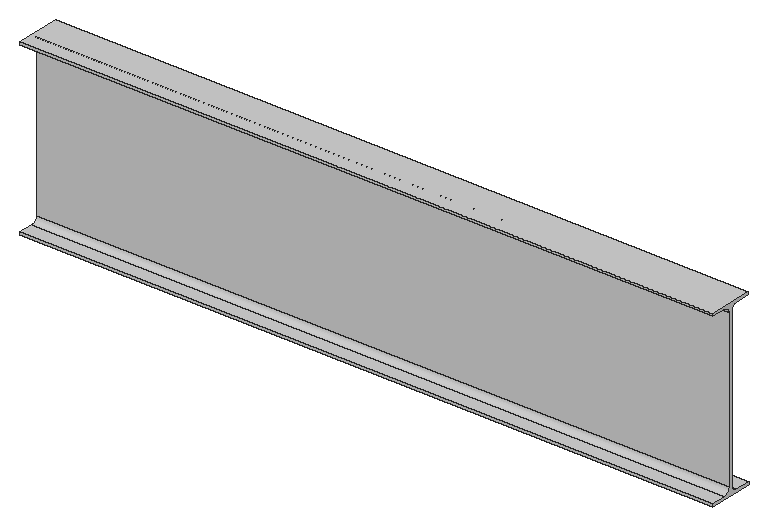
Revit family "4bd53d2e6b2b48f79cce92492d8fa723", category Structural Framing, Revit 2021
Family settings
  Structural Framing Length Roundoff = 0' - 0"
  Section Shape = Not Defined
  Material for Model Behavior = Steel
  Always export as geometry = No
  OmniClass Number = 23.25.30.11.14.14
  OmniClass Title = Beams
  Seek Item ID = M-Miscellaneous Wide Flange-0000-USA-ENU
  Always vertical = Yes
  Cut with Voids When Loaded = No
  Symbolic Representation = From Project Settings
  Shared = No
  Show family pre-cut in plan views = Yes
Parameters (values of type "M12X10.8")
  W = 10.8
  Structural Material [instance] = Steel ASTM A36
  Assembly Code = "B10"
  Length [instance] = 5' - 0"
  bf = 0' - 3 9/128"
  d = 0' - 11 31/32"
  k = 0' - 0 9/16"
  kr = k - tf  # 0' - 0 103/256"
  tf = 0' - 0 41/256"
  tw = 0' - 0 27/128"
  A = 3.18 in²
Types (2): name | W | bf | d | kr | tf | tw | A
  M12X10.8 | 10.8 | 0' - 3 9/128" | 0' - 11 31/32" | 0' - 0 103/256" | 0' - 0 41/256" | 0' - 0 27/128" | 3.18 in²
  M8X6.5 | 6.5 | 0' - 2 9/32" | 0' - 8" | 0' - 0 109/256" | 0' - 0 35/256" | 0' - 0 49/256" | 1.92 in²
Reference planes (in)
  plane 1 "Center (Front/Back)": y = 0
  plane 2: z = 0
  plane 3 "Center (Left/Right)": x = 0.1815
  plane 4 "Member Left": x = -23.8185
  plane 5 "Member Right": x = 24.1815
  plane 6: y = 1.53516
  plane 7: y = -1.53516
  plane 8 "Top": z = 5.98437
  plane 9: z = -5.98438
  plane 10 "Left": x = -29.8185
  plane 11 "Right": x = 30.1815
Forms (in)
  Sweep 1, solid, material "Steel ASTM A36" <- "Structural Material", detail levels fine
    path origin (0, 0, 0) x (1, 0, 0) y (0, 1, 0)
      loop
        line (24.1815, 0) -> (-23.8185, 0)
    profile "Wide Flange-Profile-Fine : Wide Flange-Profile-Fine" origin (0.1815, 0, 0) x (0, -1, 0) y (0, 0, 1)
      loop
        line (-1.53516, -5.98438) -> (1.53516, -5.98438) -> (1.53516, -5.82422) -> (0.50781, -5.82422)
        arc (0.50781, -5.82422) -> (0.22331, -5.70637) -> (0.10547, -5.42188) r 0.40234
        line (0.10547, -5.42188) -> (0.10547, 5.42187)
        arc (0.10547, 5.42187) -> (0.22331, 5.70637) -> (0.50781, 5.82422) r 0.40234
        line (0.50781, 5.82422) -> (1.53516, 5.82422) -> (1.53516, 5.98437) -> (-1.53516, 5.98437) -> (-1.53516, 5.82422) -> (-0.50781, 5.82422)
        arc (-0.50781, 5.82422) -> (-0.22331, 5.70637) -> (-0.10547, 5.42187) r 0.40234
        line (-0.10547, 5.42187) -> (-0.10547, -5.42188)
        arc (-0.10547, -5.42188) -> (-0.22331, -5.70637) -> (-0.50781, -5.82422) r 0.40234
        line (-0.50781, -5.82422) -> (-1.53516, -5.82422) -> (-1.53516, -5.98438)
  Sweep 2, solid, material "Steel ASTM A36" <- "Structural Material", detail levels medium
    path origin (0, 0, 0) x (1, 0, 0) y (0, 1, 0)
      loop
        line (24.1815, 0) -> (-23.8185, 0)
    profile "Wide Flange-Profile-Medium : Wide Flange-Profile-Medium" origin (0.1815, 0, 0) x (0, -1, 0) y (0, 0, 1)
      loop
        line (-1.53516, -5.98438) -> (1.53516, -5.98438) -> (1.53516, -5.82422) -> (0.10547, -5.82422) -> (0.10547, 5.82422) -> (1.53516, 5.82422) -> (1.53516, 5.98437) -> (-1.53516, 5.98437) -> (-1.53516, 5.82422) -> (-0.10547, 5.82422) -> (-0.10547, -5.82422) -> (-1.53516, -5.82422) -> (-1.53516, -5.98438)
Lines and regions (in)
  symbolic lines, style "Hidden Faces", detail levels medium+fine
    curve 1: line (24.1815, -0.10547, 0) -> (-23.8185, -0.10547, 0)
    curve 2: line (24.1815, 0.10547, 0) -> (-23.8185, 0.10547, 0)
  symbolic lines, style "Stick Symbols", detail levels coarse
    curve 3: line (0.1815, 1.53516, 5.98437) -> (0.1815, -1.53516, 5.98437)
    curve 4: line (0.1815, -1.53516, -5.98438) -> (0.1815, 1.53516, -5.98438)
    curve 5: line (0.1815, 0, 5.98437) -> (0.1815, 0, -5.98438)
Dimensions and locks (in)
  "bf": plane 6 to plane 7
  "d": plane 9 to plane 8 "Top"
  equal spacing: plane 9, plane 2, plane 8 "Top"
  equal spacing: plane 6, plane 1 "Center (Front/Back)", plane 7
  "Length": plane 10 "Left" to plane 11 "Right"
  equal spacing: curve 2, plane 1 "Center (Front/Back)", curve 1
  "tw": curve 2 to curve 1
  aligned and locked: Sweep 1 sketch curve to plane 1 "Center (Front/Back)"
  aligned and locked: Sweep 2 sketch curve to plane 1 "Center (Front/Back)"
  aligned and locked: Sweep 2 to curve 3  (x2)
  aligned and locked: Sweep 2 to curve 4  (x2)
  aligned and locked: curve 3 to Sweep 2
  aligned and locked: curve 4 to Sweep 2
  aligned and locked: plane 4 "Member Left" to Sweep 2 sketch curve
  aligned and locked: plane 5 "Member Right" to Sweep 2 sketch curve
  aligned and locked: plane 4 "Member Left" to Sweep 1 sketch curve
  aligned and locked: plane 5 "Member Right" to Sweep 1 sketch curve
  aligned and locked: plane 4 "Member Left" to curve 2
  aligned and locked: plane 4 "Member Left" to curve 1
  aligned and locked: plane 5 "Member Right" to curve 2
  aligned and locked: plane 5 "Member Right" to curve 1
Automatic sketch dimensions
  curve 5 to plane 1 "Center (Front/Back)" = 0' - 0"
